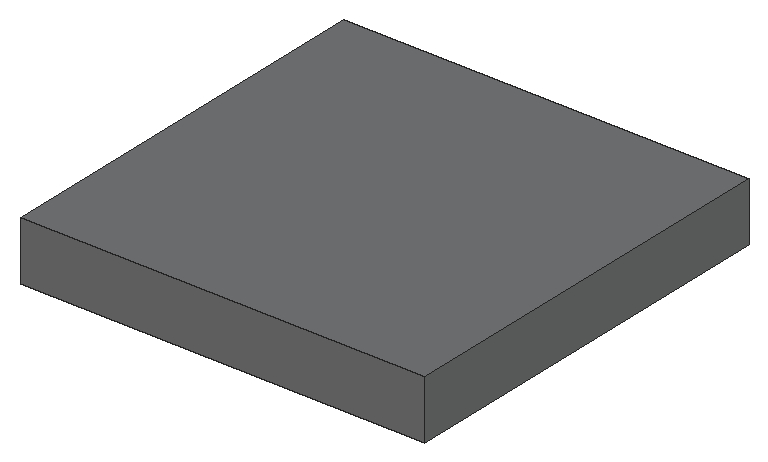
Revit family "Gira_028726", category Electrical Fixtures, host Face, Revit 2017
Family settings
  Host = Face
  Maintain Annotation Orientation = No
  Round Connector Dimension = Use Diameter
  Part Type = Normal
  Cut with Voids When Loaded = No
  Shared = No
  Room Calculation Point = No
Parameters (values of type "Wippe Symb. Tür System 55 F Alu")
  Werkstoffgüte = "Thermoplast"
  Werkstoff = "Kunststoff"
  Verwendung = "Schalter/Taster"
  URL = "http://katalog.gira.de/de_DE/datenblatt.html?artikelnr=028726"
  Region = "DE"
  Oberfläche = "sonstige"
  Name = "Wippe Symb. Tür System 55 F Alu"
  Mit austauschbarer Linse/Symbol = "No"
  Mit Beschriftungsfeld = "No"
  Manufacturer URL = "https://www.gira.de/"
  Kontrollfenster/Lichtauslass = "Yes"
  Keynote = "Sys55_Abdeckung_Schalten und Tasten"
  HeinzeBIM = "https://bimportal.heinze.de/bim/wippe-symb-tuer-system-55-f-alu/87bdf06f4d5e9acf3b95001157449916a033e48e"
  Halogenfrei = "Yes"
  HAN = "028726"
  Geeignet für Schutzart (IP) = "IP20"
  Geeignet für Bussystem-Tasterankopplung = "No"
  GTIN = "4010337287261"
  Farbe = "aluminium"
  Default Elevation = 1219.2 mm
  Data sheet (1) = "https://katalog.gira.de/de_DE/download.html?artikelnr=028726"
  Category = "Abdeckung/Bedienelement für Installationsschalterprogramme"
  Befestigungsart = "Klemmbefestigung"
  Available = "Yes"
  Ausführung = "einteilige Wippe"
  Aufdruck/Kennzeichnung = "Symbol \"Schlüssel/Tür\""
  Anthrazit [instance] = Anthrazit
  Abtastbares Symbol/barrierefrei = "No"
Reference planes
  plane 1 "Center (Front/Back)": y = 0
  plane 2: z = 0
  plane 3 "Center (Left/Right)": x = 0
Forms (mm)
  Extrusion 1, solid, material "Anthrazit" <- "Anthrazit", detail levels fine
    sketch origin (0, 0, 0) x (1, 0, 0) y (0, 1, 0)
      loop
        line (-27.5, 27.5) -> (-27.5, -27.5) -> (27.5, -27.5) -> (27.5, 27.5) -> (-27.5, 27.5)
    from 0 to 8
  Extrusion 2, void
    sketch origin (0, 0, 0) x (1, 0, 0) y (0, 1, 0)
      loop
        line (26, 26) -> (-26, 26) -> (-26, -26) -> (26, -26) -> (26, 26)
    from 0 to 6
  Extrusion 3, solid, material "Anthrazit" <- "Anthrazit", detail levels medium
    sketch origin (0, 0, 0) x (1, 0, 0) y (0, 1, 0)
      loop
        line (-27.5, 27.5) -> (-27.5, -27.5) -> (27.5, -27.5) -> (27.5, 27.5) -> (-27.5, 27.5)
    from 0 to 8
  Extrusion 4, solid, material "Anthrazit" <- "Anthrazit", detail levels medium
    sketch origin (0, 0, 0) x (1, 0, 0) y (0, 1, 0)
      loop
        line (11, -17.5) -> (11, 17.5) -> (-11, 17.5) -> (-11, -17.5) -> (11, -17.5)
    from -6 to 6
  Extrusion 5, solid, material "Anthrazit" <- "Anthrazit", detail levels fine
    sketch origin (0, 0, 0) x (1, 0, 0) y (0, 1, 0)
      loop
        line (11, 17.5) -> (-11, 17.5) -> (-11, 16.5) -> (11, 16.5) -> (11, 17.5)
      loop
        line (-11, -16.5) -> (-11, -17.5) -> (11, -17.5) -> (11, -16.5) -> (-11, -16.5)
    from -4 to 6
  Extrusion 6, solid, material "Anthrazit" <- "Anthrazit", detail levels fine
    sketch origin (0, 0, 0) x (1, 0, 0) y (0, 1, 0)
      loop
        arc (5, 9.347) -> (0, 10.6) -> (-5, 9.347) r 10.6
        line (-5, 9.347) -> (-5, -9.347)
        arc (-5, -9.347) -> (0, -10.6) -> (5, -9.347) r 10.6
        line (5, -9.347) -> (5, 9.347)
    from -6 to 6
  Extrusion 7, solid, material "Anthrazit" <- "Anthrazit", detail levels coarse
    sketch origin (0, 0, 0) x (1, 0, 0) y (0, 1, 0)
      loop
        line (-27.5, 27.5) -> (-27.5, -27.5) -> (27.5, -27.5) -> (27.5, 27.5) -> (-27.5, 27.5)
    from -6 to 8
Cuts and joins
  Extrusion 2 cuts Extrusion 1
Dimensions and locks
  aligned and locked: plane 2 to host face
  aligned and locked: level to host face
